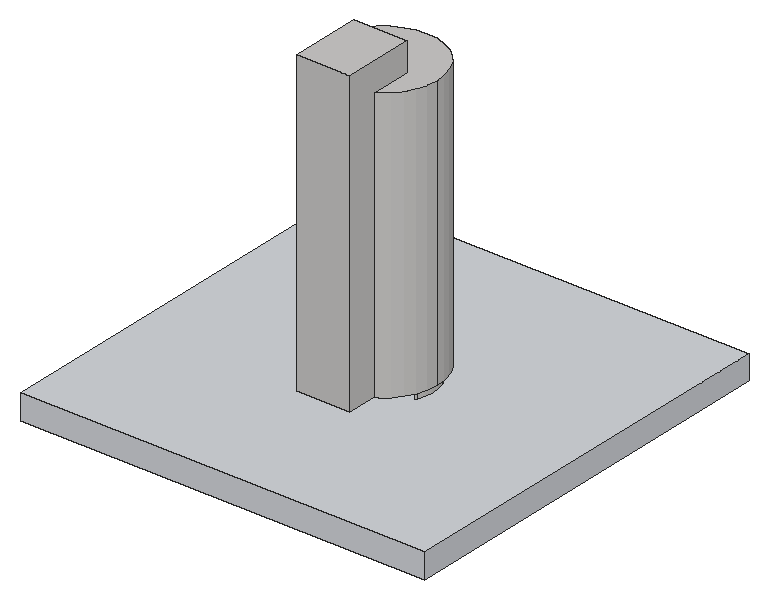
Revit family "DC_Rheem_PLM_HeavyDutyGas_631275", category Mechanical Equipment, host Face, Revit 2018
Family settings
  Host = Face
  Round Connector Dimension = Use Radius
  Part Type = Normal
  Cut with Voids When Loaded = No
  Shared = No
  Room Calculation Point = No
Parameters (values of type "Heavy Duty Gas Storage - Outdoor - 275L - 200 MJ/h - Natural gas")
  URL = "http://www.rheem.com.au/CommercialProducts"
  Type Comments = "1000L first hour delivery @ 50oC rise - Suitable for indoor installation with a room sealed kit\r\n"
  TopDiameterD1_ANZRS = 189.215 mm
  T&PRValveRadius_ANZRS = 16 mm
  Thicknesss_ANZRS = 35.2 mm
  Model = "631275N0\r\n"
  Materials_ANZRS = Rheem - Joey Grey Steel
  Manufacturer = "Rheem\r\n"
  HotWaterOutletPipeRadius_ANZRS = HotWaterOutletPipeDiameter_ANZRS / 2  # 16 mm
  HotWaterOutletPipeDiameter_ANZRS = 32 mm
  GasInletPipeRadius_ANZRS = 10 mm
  DesignBy_ANZRS = "Design Content ©\r\n"
  Description = "Heavy Duty Gas Storage - Outdoor - 275L - 200 MJ/h - Natural gas"
  Default Elevation = 0 mm
  CylinderRadius_ANZRS = CylinderDiameterD2_ANZRS / 2  # 321.5 mm
  CylinderDiameterD2_ANZRS = 643 mm
  ColdWaterInletPipeRadius_ANZRS = ColdWaterInletPipeDiameter_ANZRS / 2  # 16 mm
  ColdWaterInletPipeDiameter_ANZRS = 32 mm
  Author_ANZRS = "DM"
  Assembly Code = ""
Types (3, lengths in mm): name | Model
  (no name) | "631275N0\r\n"
  Heavy Duty Gas Storage - Outdoor - 275L - 200 MJ/h - Natural gas | "631275N0\r\n"
  Heavy Duty Gas Storage - Outdoor - 275L - 190 MJ/h - Propane gas | "631275P0\r\n"
Reference planes
  plane 1 "Center (Front/Back)": y = 0
  plane 2: z = 0
  plane 3 "Center (Left/Right)": x = 0
  plane 4: y = 321.5
  plane 5: y = -321.5
  plane 6: x = -321.5
  plane 7: x = 321.5
  plane 8: z = 1695
  plane 9: z = 1865
  plane 10 "Gas Ref": y = -400.5
  plane 11: y = -458.5
  plane 12: z = 340
  plane 13: x = -356.7
  plane 14: x = 356.7
  plane 15: y = 356.7
  plane 16: y = -356.7
  plane 17 "Base": z = 0
  plane 18: z = 50
  plane 19: z = 685
  plane 20: z = 1445
  plane 21: z = 525
  plane 22: x = -331.5
  plane 23: x = -311.5
  plane 24 "B": through (0, 0, 18000) normal (0.7071, 0.7071, 0)
  plane 25 "A": through (0, 0, 18000) normal (0.809, 0.5878, 0)
  plane 26: x = 160
  plane 27: x = -160
  plane 28: y = 32
Forms (mm)
  Extrusion 1, solid
    sketch origin (0, 0, 0) x (1, 0, 0) y (0, 1, 0)
      loop
        line (-1219.2, 1219.2) -> (-1219.2, -1219.2) -> (1219.2, -1219.2) -> (1219.2, 1219.2) -> (-1219.2, 1219.2)
    from 0 to -150
  Extrusion 2, solid, material "Rheem - Joey Grey Steel" <- "Materials_ANZRS"
    sketch origin (0, 0, 0) x (1, 0, 0) y (0, 1, 0)
      loop
        circle (0, 0) r 321.5
    from 50 to 1695
  Extrusion 3, solid, material "Rheem - Joey Grey Steel" <- "Materials_ANZRS"
    sketch origin (0, 0, 0) x (-1, 0, 0) y (0, -1, 0)
      loop
        arc (-94.842, -277.109) -> (-0.124, -292.89) -> (94.607, -277.19) r 292.89
        arc (94.607, -277.19) -> (101.481, -263.205) -> (86.761, -258.089) r 10.402
        arc (86.761, -258.089) -> (0, -272.282) -> (-86.761, -258.089) r 272.282
        arc (-86.761, -258.089) -> (-101.457, -263.072) -> (-94.842, -277.109) r 10.4
      loop
        arc (-276.878, 94.986) -> (-292.718, 0) -> (-276.878, -94.986) r 292.718
        arc (-276.878, -94.986) -> (-264.492, -100.773) -> (-258.089, -88.694) r 9.92
        arc (-258.089, -88.694) -> (-272.904, 0) -> (-258.089, 88.694) r 272.904
        arc (-258.089, 88.694) -> (-264.492, 100.773) -> (-276.878, 94.986) r 9.92
      loop
        arc (276.878, 94.986) -> (264.492, 100.773) -> (258.089, 88.694) r 9.92
        arc (258.089, 88.694) -> (272.904, 0) -> (258.089, -88.694) r 272.904
        arc (258.089, -88.694) -> (264.492, -100.773) -> (276.878, -94.986) r 9.92
        arc (276.878, -94.986) -> (292.718, 0) -> (276.878, 94.986) r 292.718
      loop
        arc (-94.842, 277.109) -> (-101.457, 263.072) -> (-86.761, 258.089) r 10.4
        arc (-86.761, 258.089) -> (0, 272.282) -> (86.761, 258.089) r 272.282
        arc (86.761, 258.089) -> (101.481, 263.205) -> (94.607, 277.19) r 10.402
        arc (94.607, 277.19) -> (-0.124, 292.89) -> (-94.842, 277.109) r 292.89
    from 0 to 50
  Extrusion 4, solid, material "Rheem - Joey Grey Steel" <- "Materials_ANZRS"
    sketch origin (0, 0, 0) x (1, 0, 0) y (0, 1, 0)
      loop
        line (-160, -30.8) -> (-160, -458.5) -> (160, -458.5) -> (160, -30.8) -> (-160, -30.8)
    from 50 to 1865
  Extrusion 5, solid, material "Rheem - Joey Grey Steel" <- "Materials_ANZRS"
    sketch origin (0, 0, 0) x (0, 1, 0) y (0, 0, 1)
      loop
        circle (0, 1445) r 16
      loop
        circle (0, 685) r 16
    from -331.5 to -311.5
  Extrusion 6, solid, material "Rheem - Joey Grey Steel" <- "Materials_ANZRS"
    sketch origin (-160, -458.5, 0) x (0, 1, 0) y (0, 0, -1)
      loop
        circle (58, -340) r 10
    from 0 to 20
Cuts and joins
  joined: Extrusion 2, Extrusion 3, Extrusion 5
Lines and regions (mm)
  Masking region 1
    outline origin (0, 0, 0) x (1, 0, 0) y (0, 1, 0)
      loop
        line (-160, -278.859) -> (-160, -458.5) -> (160, -458.5) -> (160, -278.859)
        arc (160, -278.859) -> (0, 321.5) -> (-160, -278.859) r 321.5
  Masking region 2
    outline origin (0, 0, 0) x (1, 0, 0) y (0, 0, 1)
      loop
        line (-160, 1865) -> (-160, 1695) -> (-321.5, 1695) -> (-321.5, 1477) -> (-331.5, 1477) -> (-331.5, 1413) -> (-321.5, 1413) -> (-321.5, 717) -> (-331.5, 717) -> (-331.5, 653) -> (-321.5, 653) -> (-321.5, 50) -> (-294.264, 50) -> (-294.264, 0) -> (294.264, 0) -> (294.264, 50) -> (321.5, 50) -> (321.5, 1695) -> (160, 1695) -> (160, 1865) -> (-160, 1865)
  Masking region 3
    outline origin (0, 0, 0) x (0, 1, 0) y (0, 0, 1)
      loop
        line (32, 1865) -> (-458.5, 1865) -> (-458.5, 1695) -> (-458.5, 50) -> (-294.356, 50) -> (-294.356, 0) -> (294.356, 0) -> (294.356, 50) -> (321.5, 50) -> (321.5, 1695) -> (32, 1695) -> (32, 1865)
  model lines, style "Rheem Heavy Duty Gas"
    curve 1: line (-125, -458.5, 685) -> (125, -458.5, 685)
    curve 2: line (-125, -458.5, 275) -> (-125, -458.5, 685)
    curve 3: line (150, -458.5, 275) -> (-150, -458.5, 275)
    curve 4: line (125, -458.5, 685) -> (125, -458.5, 275)
    curve 25: line (150, -458.5, 275) -> (150, -458.5, 50)
    curve 28: line (-150, -458.5, 275) -> (-150, -458.5, 50)
    curve 29: line (-100, -458.5, 1385) -> (100, -458.5, 1385)
    curve 30: line (-100, -458.5, 1185) -> (-100, -458.5, 1385)
    curve 31: line (100, -458.5, 1385) -> (100, -458.5, 1185)
    curve 32: line (-100, -458.5, 1185) -> (100, -458.5, 1185)
  symbolic lines, style "Rheem Heavy Duty Gas", detail levels fine
    curve 5: line (-321.5, 0, 1695) -> (-160, 0, 1695)
    curve 6: line (-321.5, 0, 50) -> (-321.5, 0, 1695)
    curve 7: line (321.5, 0, 50) -> (-321.5, 0, 50)
    curve 8: line (321.5, 0, 1695) -> (321.5, 0, 50)
    curve 9: line (-100.986, 0, 50) -> (100.33, 0, 50)
    curve 10: line (-100.986, 0, 0) -> (-100.986, 0, 50)
    curve 11: line (100.33, 0, 0) -> (-100.986, 0, 0)
    curve 12: line (100.33, 0, 50) -> (100.33, 0, 0)
    curve 13: line (-294.264, 0, 50) -> (-182.662, 0, 50)
    curve 14: line (-294.264, 0, 0) -> (-294.264, 0, 50)
    curve 15: line (-182.662, 0, 0) -> (-294.264, 0, 0)
    curve 16: line (-182.662, 0, 50) -> (-182.662, 0, 0)
    curve 17: line (294.264, 0, 50) -> (182.662, 0, 50)
    curve 18: line (294.264, 0, 0) -> (294.264, 0, 50)
    curve 19: line (182.662, 0, 0) -> (294.264, 0, 0)
    curve 20: line (182.662, 0, 50) -> (182.662, 0, 0)
    curve 22: line (-321.5, 0, 717) -> (-331.5, 0, 717)
    curve 23: line (-331.5, 0, 717) -> (-331.5, 0, 653)
    curve 24: line (-331.5, 0, 653) -> (-321.5, 0, 653)
    curve 26: line (-160, -458.5, 1865) -> (-160, -458.5, 50)
    curve 27: line (160, -458.5, 50) -> (160, -458.5, 1865)
    curve 33: line (-100, -458.5, 1385) -> (100, -458.5, 1385)
    curve 34: line (-100, -458.5, 1185) -> (-100, -458.5, 1385)
    curve 35: line (100, -458.5, 1185) -> (-100, -458.5, 1185)
    curve 36: line (100, -458.5, 1385) -> (100, -458.5, 1185)
    curve 37: line (-125, -458.5, 685) -> (125, -458.5, 685)
    curve 38: line (-125, -458.5, 275) -> (-125, -458.5, 685)
    curve 39: line (125, -458.5, 275) -> (-125, -458.5, 275)
    curve 40: line (125, -458.5, 685) -> (125, -458.5, 275)
    curve 41: line (-150, -458.5, 275) -> (150, -458.5, 275)
    curve 42: line (-150, -458.5, 50) -> (-150, -458.5, 275)
    curve 43: line (150, -458.5, 50) -> (-150, -458.5, 50)
    curve 44: line (150, -458.5, 275) -> (150, -458.5, 50)
    curve 45: line (0, 321.5, 1695) -> (0, -321.5, 1695)
    curve 46: line (0, 321.5, 50) -> (0, 321.5, 1695)
    curve 47: line (0, -321.5, 50) -> (0, 321.5, 50)
    curve 48: line (0, -321.5, 1695) -> (0, -321.5, 50)
    curve 51: line (0, -458.5, 50) -> (0, -321.5, 50)
    curve 53: line (0, 293.891, 50) -> (0, 258.089, 50)
    curve 54: line (0, 293.891, 0) -> (0, 293.891, 50)
    curve 55: line (0, 258.089, 0) -> (0, 293.891, 0)
    curve 56: line (0, 258.089, 50) -> (0, 258.089, 0)
    curve 57: line (0, -258.089, 50) -> (0, -293.891, 50)
    curve 58: line (0, -258.089, 0) -> (0, -258.089, 50)
    curve 59: line (0, -293.891, 0) -> (0, -258.089, 0)
    curve 60: line (0, -293.891, 50) -> (0, -293.891, 0)
    curve 61: line (0, 101.287, 50) -> (0, -101.287, 50)
    curve 62: line (0, 101.287, 0) -> (0, 101.287, 50)
    curve 63: line (0, -101.287, 0) -> (0, 101.287, 0)
    curve 64: line (0, -101.287, 50) -> (0, -101.287, 0)
    curve 69: line (160, 0, 1695) -> (321.5, 0, 1695)
    curve 70: line (-160, -30.8, 0) -> (160, -30.8, 0)
    curve 71: line (-160, -458.5, 0) -> (-160, -30.8, 0)
    curve 72: line (160, -458.5, 0) -> (-160, -458.5, 0)
    curve 73: line (160, -30.8, 0) -> (160, -458.5, 0)
    curve 74: arc (-252.134, 0, 1471.385) -> (-240.059, 0, 1445.169) -> (-252.134, 0, 1418.953) r 34.497
    curve 75: arc (-260.499, 0, 1471.385) -> (-267.001, 0, 1463.969) -> (-271.138, 0, 1455.017) r 34.497
    curve 76: line (-261.188, 0, 1455.017) -> (-293.109, 0, 1455.017)
    curve 77: line (-261.188, 0, 1435.017) -> (-293.109, 0, 1435.017)
    curve 78: arc (-293.109, 0, 1455.017) -> (-299.061, 0, 1445.017) -> (-293.109, 0, 1435.017) r 11.376
    curve 79: arc (-261.188, 0, 1455.017) -> (-255.024, 0, 1445.017) -> (-261.188, 0, 1435.017) r 11.194
    curve 80: line (-290.609, 0, 1435.017) -> (-290.609, 0, 1415.926)
    curve 81: line (-290.609, 0, 1415.926) -> (-273.228, 0, 1415.926)
    curve 82: line (-273.228, 0, 1415.926) -> (-273.228, 0, 1435.017)
    curve 83: line (-252.134, 0, 1471.385) -> (-260.499, 0, 1471.385)
    curve 84: line (-252.134, 0, 1418.953) -> (-260.499, 0, 1418.953)
    curve 85: spline (-270.212, 0, 1435.017) -> (-266.875, 0, 1429.581) -> (-262.475, 0, 1426.913) -> (-257.8, 0, 1427.494) -> (-253.69, 0, 1431.219) -> (-250.884, 0, 1437.419) -> (-249.886, 0, 1444.98) -> (-250.874, 0, 1452.545) -> (-253.672, 0, 1458.754) -> (-257.776, 0, 1462.494) -> (-262.45, 0, 1463.092) -> (-266.855, 0, 1460.441) -> (-270.199, 0, 1455.017)
    curve 86: arc (-271.046, 0, 1435.017) -> (-266.914, 0, 1426.236) -> (-260.499, 0, 1418.953) r 34.497
    curve 87: arc (0, -179.361, 1471.616) -> (0, -163.845, 1445.303) -> (0, -179.235, 1418.916) r 30.192
    curve 88: arc (0, -192.389, 1471.616) -> (0, -200.86, 1464.587) -> (0, -206.268, 1455) r 30.371
    curve 89: spline (0, -195.778, 1428.86) -> (0, -190.803, 1426.505) -> (0, -185.549, 1426.92) -> (0, -180.804, 1430.044) -> (0, -177.278, 1435.408) -> (0, -175.499, 1442.209) -> (0, -175.734, 1449.428) -> (0, -177.948, 1455.984) -> (0, -181.808, 1460.894) -> (0, -186.738, 1463.424) -> (0, -191.997, 1463.194) -> (0, -196.799, 1460.238) -> (0, -200.425, 1455)
    curve 90: spline (0, -212.539, 1435) -> (0, -214.544, 1435.341) -> (0, -216.411, 1436.34) -> (0, -218.015, 1437.929) -> (0, -219.246, 1440) -> (0, -220.02, 1442.412) -> (0, -220.284, 1445) -> (0, -220.02, 1447.588) -> (0, -219.246, 1450) -> (0, -218.015, 1452.071) -> (0, -216.411, 1453.66) -> (0, -214.544, 1454.659) -> (0, -212.539, 1455) -> (0, -210.535, 1454.659) -> (0, -208.667, 1453.66) -> (0, -207.063, 1452.071) -> (0, -205.832, 1450) -> (0, -205.059, 1447.588) -> (0, -204.795, 1445) -> (0, -205.059, 1442.412) -> (0, -205.832, 1440) -> (0, -207.063, 1437.929) -> (0, -208.667, 1436.34) -> (0, -210.535, 1435.341) -> (0, -212.539, 1435)
    curve 91: line (0, -212.539, 1455) -> (0, -188.603, 1455)
    curve 92: line (0, -212.539, 1435) -> (0, -188.603, 1435)
    curve 93: line (0, -179.361, 1471.616) -> (0, -192.389, 1471.616)
    curve 94: line (0, -192.908, 1418.916) -> (0, -179.235, 1418.916)
    curve 95: arc (0, -195.778, 1420.824) -> (0, -194.37, 1419.829) -> (0, -192.908, 1418.916) r 30.371
    curve 96: arc (0, -188.603, 1455) -> (0, -182.923, 1445) -> (0, -188.603, 1435) r 11.643
    curve 97: line (0, -211.515, 1435) -> (0, -211.515, 1415.926)
    curve 98: line (0, -211.515, 1415.926) -> (0, -195.778, 1415.926)
    curve 99: line (0, -195.778, 1415.926) -> (0, -195.778, 1435)
    curve 100: arc (-289.704, 0, 1455.017) -> (-283.751, 0, 1445.017) -> (-289.704, 0, 1435.017) r 11.376
  symbolic lines, style "Rheem Emergency", detail levels fine
    curve 21: arc (181.264, -262.793, 0) -> (0, 319.244, 0) -> (-181.264, -262.793, 0) r 319.244
    curve 49: line (0, -30.8, 1865) -> (0, -458.5, 1865)
    curve 50: line (0, -458.5, 1865) -> (0, -458.5, 50)
    curve 52: line (0, -30.8, 1865) -> (0, -30.8, 1695)
    curve 65: arc (0, 16, 1445) -> (0, 0, 1461) -> (0, -16, 1445) r 16
    curve 66: arc (0, -16, 1445) -> (0, 0, 1429) -> (0, 16, 1445) r 16
    curve 67: arc (0, -16, 685) -> (0, 0, 669) -> (0, 16, 685) r 16
    curve 68: arc (0, 16, 685) -> (0, 0, 701) -> (0, -16, 685) r 16
Dimensions and locks
  equal spacing: plane 4, plane 1 "Center (Front/Back)", plane 5
  "CylinderDiameterD2_ANZRS": plane 4 to plane 5
  equal spacing: plane 6, plane 3 "Center (Left/Right)", plane 7
  "CylinderDiameterD2_ANZRS": plane 6 to plane 7
  plane 8 to plane 17 "Base" = 1695 mm
  plane 9 to plane 17 "Base" = 1865 mm
  plane 4 to plane 10 "Gas Ref" = 722 mm
  plane 4 to plane 11 = 780 mm
  "Thicknesss_ANZRS": plane 13 to plane 6
  "Thicknesss_ANZRS": plane 7 to plane 14
  "Thicknesss_ANZRS": plane 15 to plane 4
  "Thicknesss_ANZRS": plane 16 to plane 5
  locked: plane 18 to plane 17 "Base" at 50
  plane 12 to plane 17 "Base" = 340 mm
  plane 20 to plane 19 = 760 mm
  plane 22 to plane 6 to plane 23 = 10 mm locked, 10 mm locked
  equal spacing: plane 27, plane 3 "Center (Left/Right)", plane 26
  plane 27 to plane 26 = 320 mm
  equal spacing: Extrusion 4 sketch curve, plane 3 "Center (Left/Right)", Extrusion 4 sketch curve
  Extrusion 4 sketch curve to Extrusion 4 sketch curve = 320 mm
  plane 19 to plane 17 "Base" = 685 mm
  "CylinderRadius_ANZRS": radius of Extrusion 2 sketch curve
  "HotWaterOutletPipeRadius_ANZRS": radius of Extrusion 5 sketch curve
  "ColdWaterInletPipeRadius_ANZRS": radius of Extrusion 5 sketch curve
  aligned and locked: plane 2 to Extrusion 1
  aligned and locked: level to Extrusion 1
  aligned and locked: plane 3 "Center (Left/Right)" to Extrusion 2 sketch curve
  aligned and locked: plane 1 "Center (Front/Back)" to Extrusion 2 sketch curve
  aligned and locked: plane 8 to Extrusion 2
  aligned and locked: Extrusion 2 to plane 18
  aligned: Extrusion 3 to Extrusion 2
  aligned and locked: Extrusion 2 to Extrusion 4
  aligned and locked: plane 1 "Center (Front/Back)" to Extrusion 5 sketch curve  (x2)
  aligned and locked: plane 20 to Extrusion 5 sketch curve
  aligned and locked: plane 19 to Extrusion 5 sketch curve
  aligned and locked: Extrusion 5 to plane 22
  aligned and locked: Extrusion 5 to plane 23
  aligned: cut or joined group of Extrusion 2, Extrusion 3, Extrusion 5 to plane 26
  aligned: cut or joined group of Extrusion 2, Extrusion 3, Extrusion 5 to plane 27
  aligned: Extrusion 2 to Extrusion 4
  aligned and locked: plane 9 to Extrusion 4
  aligned and locked: Extrusion 4 to plane 27
  aligned and locked: Extrusion 4 to plane 26
  aligned and locked: Extrusion 4 to plane 11
  aligned and locked: curve 37 to plane 19
  aligned and locked: curve 45 to cut or joined group of Extrusion 2, Extrusion 3, Extrusion 5
  aligned and locked: plane 4 to curve 46
  aligned and locked: curve 47 to cut or joined group of Extrusion 2, Extrusion 3, Extrusion 5
  aligned and locked: plane 5 to curve 48
  aligned and locked: curve 68 to cut or joined group of Extrusion 2, Extrusion 3, Extrusion 5
  aligned and locked: curve 65 to cut or joined group of Extrusion 2, Extrusion 3, Extrusion 5
Automatic sketch dimensions
  curve 72 to plane 11 = 0 mm
  curve 72 to plane 27 = 0 mm
  plane 1 "Center (Front/Back)" to curve 21 = 0 mm
  curve 21 to plane 3 "Center (Left/Right)" = 0 mm
  curve 72 to plane 26 = 0 mm
  curve 21 to plane 27 = 21.264 mm
  curve 21 to plane 26 = 21.264 mm
  curve 21 to plane 5 = 58.707 mm
  plane 1 "Center (Front/Back)" to curve 71 = 30.8 mm
  curve 88 to curve 95 = 0 mm  (x2)
  curve 51 to plane 11 = 0 mm
  curve 59 to plane 17 "Base" = 0 mm
  curve 57 to plane 18 = 0 mm
  curve 90 to plane 20 = 0 mm
  curve 96 to plane 20 = 0 mm
  curve 89 to plane 20 = 0 mm
  curve 64 to plane 18 = 0 mm
  curve 64 to plane 17 "Base" = 0 mm
  curve 52 to plane 9 = 0 mm
  curve 55 to plane 17 "Base" = 0 mm
  curve 53 to plane 18 = 0 mm
  curve 59 to plane 5 = 27.609 mm
  curve 59 to curve 59 = 35.802 mm
  curve 90 to plane 5 = 108.961 mm
  curve 92 to curve 90 = 0 mm
  curve 91 to curve 90 = 0 mm
  curve 92 to curve 97 = 1.024 mm
  curve 91 to curve 88 = 6.271 mm
  curve 97 to curve 95 = 15.737 mm
  curve 99 to curve 96 = 1.212 mm
  curve 96 to curve 87 = 0.529 mm
  curve 98 to curve 94 = 2.869 mm
  curve 89 to curve 88 = 8.035 mm
  curve 95 to curve 89 = 3.966 mm
  curve 99 to curve 92 = 7.174 mm
  curve 93 to curve 93 = 13.028 mm
  curve 89 to curve 87 = 9.708 mm
  plane 20 to curve 88 = 0.117 mm
  curve 89 to curve 88 = 11.392 mm
  plane 1 "Center (Front/Back)" to curve 64 = 101.287 mm
  plane 1 "Center (Front/Back)" to curve 52 = 30.8 mm
  plane 28 to curve 62 = 69.287 mm
  curve 55 to plane 4 = 63.411 mm
  curve 54 to plane 4 = 27.609 mm
  curve 99 to plane 20 = 29.074 mm
  curve 98 to curve 87 = 2.99 mm
  curve 95 to curve 89 = 7.413 mm
  curve 75 to curve 86 = 0 mm  (x2)
  curve 22 to plane 22 = 0 mm
  curve 7 to plane 6 = 0 mm
  curve 14 to plane 17 "Base" = 0 mm
  curve 13 to plane 18 = 0 mm
  curve 85 to plane 20 = 0 mm
  curve 5 to plane 8 = 0 mm
  curve 5 to plane 27 = 0 mm
  curve 9 to plane 18 = 0 mm
  curve 10 to plane 17 "Base" = 0 mm
  curve 69 to plane 8 = 0 mm
  plane 26 to curve 69 = 0 mm
  curve 17 to plane 18 = 0 mm
  curve 20 to plane 17 "Base" = 0 mm
  plane 7 to curve 7 = 0 mm
  curve 8 to plane 18 = 0 mm
  plane 20 to curve 100 = 0.017 mm
  curve 100 to plane 23 = 16.373 mm
  curve 14 to plane 23 = 17.236 mm
  curve 100 to curve 78 = 2.019 mm  (x2)
  curve 76 to curve 100 = 3.405 mm
  curve 78 to curve 100 = 3.405 mm
  curve 100 to curve 78 = 7.442 mm
  plane 20 to curve 74 = 0.169 mm
  curve 78 to curve 74 = 13.129 mm
  curve 80 to curve 81 = 17.38 mm
  curve 74 to curve 75 = 3.418 mm
  curve 82 to curve 86 = 2.183 mm
  curve 86 to curve 85 = 0.834 mm
  curve 75 to curve 85 = 0.94 mm
  plane 20 to curve 79 = 0.017 mm
  curve 74 to curve 79 = 8.339 mm
  curve 85 to curve 79 = 9.011 mm
  curve 79 to curve 85 = 5.269 mm
  curve 85 to curve 84 = 0.45 mm
  curve 79 to curve 75 = 0.689 mm
  curve 75 to curve 74 = 8.365 mm
  curve 84 to curve 84 = 8.365 mm
  plane 20 to curve 86 = 0.169 mm
  curve 85 to curve 86 = 22.872 mm
  curve 16 to plane 27 = 22.662 mm
  plane 27 to curve 9 = 59.014 mm
  plane 26 to curve 11 = 59.67 mm
  curve 17 to plane 26 = 22.662 mm
  plane 7 to curve 18 = 27.236 mm
  curve 24 to plane 19 = 32 mm
  plane 19 to curve 22 = 32 mm
  curve 81 to curve 78 = 19.091 mm
  Extrusion 1 sketch curve to Extrusion 1 sketch curve = 2438.4 mm  (x2)
  Extrusion 4 sketch curve to plane 11 = 0 mm
  plane 1 "Center (Front/Back)" to Extrusion 4 sketch curve = 30.8 mm
  curve 27 to Extrusion 4 = 0 mm  (x3)
  curve 43 to Extrusion 4 = 0 mm
  curve 26 to Extrusion 4 = 0 mm  (x3)
  curve 43 to Extrusion 4 = 10 mm
  curve 3 to curve 40 = 25 mm
  curve 36 to Extrusion 4 = 60 mm
  Extrusion 4 to curve 32 = 60 mm
  Extrusion 4 to curve 37 = 35 mm
  Extrusion 4 to curve 42 = 10 mm
  Extrusion 4 to curve 29 = 480 mm
  curve 29 to curve 32 = 200 mm
  Extrusion 4 to curve 39 = 225 mm
  curve 28 to curve 38 = 0 mm
  Masking region 1 sketch curve to plane 27 = 0 mm
  plane 1 "Center (Front/Back)" to Masking region 1 sketch curve = 0 mm
  Masking region 1 sketch curve to plane 3 "Center (Left/Right)" = 0 mm
  Masking region 1 sketch curve to plane 26 = 0 mm
  Masking region 1 sketch curve to plane 11 = 0 mm
  Masking region 1 sketch curve to plane 5 = 42.641 mm
  Masking region 2 sketch curve to plane 22 = 0 mm  (x2)
  Masking region 2 sketch curve to plane 6 = 0 mm  (x3)
  Masking region 2 sketch curve to plane 18 = 0 mm  (x2)
  Masking region 2 sketch curve to plane 17 "Base" = 0 mm
  Masking region 2 sketch curve to plane 8 = 0 mm  (x2)
  Masking region 2 sketch curve to plane 27 = 0 mm
  Masking region 2 sketch curve to plane 9 = 0 mm
  plane 26 to Masking region 2 sketch curve = 0 mm
  plane 7 to Masking region 2 sketch curve = 0 mm
  Masking region 2 sketch curve to plane 23 = 17.236 mm
  plane 7 to Masking region 2 sketch curve = 27.236 mm
  Masking region 2 sketch curve to plane 19 = 32 mm
  plane 19 to Masking region 2 sketch curve = 32 mm
  Masking region 2 sketch curve to plane 20 = 32 mm
  plane 20 to Masking region 2 sketch curve = 32 mm
  Masking region 3 sketch curve to plane 11 = 0 mm
  Masking region 3 sketch curve to plane 18 = 0 mm  (x2)
  Masking region 3 sketch curve to plane 17 "Base" = 0 mm
  Masking region 3 sketch curve to plane 9 = 0 mm
  Masking region 3 sketch curve to plane 28 = 0 mm
  Masking region 3 sketch curve to plane 4 = 0 mm
  Masking region 3 sketch curve to plane 8 = 0 mm  (x2)
  Masking region 3 sketch curve to plane 5 = 27.144 mm
  Masking region 3 sketch curve to Masking region 3 sketch curve = 27.144 mm
  curve 78 to curve 81 = 2.5 mm
  curve 88 to curve 89 = 5.844 mm
  Extrusion 6 sketch curve to Extrusion 4 = 58 mm
  Extrusion 4 to Extrusion 6 sketch curve = 290 mm
  Extrusion 3 sketch curve to Extrusion 3 sketch curve = 0 mm  (x56)
  plane 1 "Center (Front/Back)" to Extrusion 3 sketch curve = 0 mm
  Extrusion 3 sketch curve to plane 3 "Center (Left/Right)" = 0 mm
  plane 26 to Extrusion 3 sketch curve = 73.239 mm  (x2)
  Extrusion 3 sketch curve to Extrusion 3 sketch curve = 5.124 mm  (x2)
  Extrusion 3 sketch curve to Extrusion 3 sketch curve = 2.956 mm  (x2)
  plane 7 to Extrusion 3 sketch curve = 63.411 mm  (x2)
  Extrusion 3 sketch curve to Extrusion 3 sketch curve = 9.553 mm  (x4)
  Extrusion 3 sketch curve to Extrusion 3 sketch curve = 9.236 mm  (x4)
  plane 27 to Extrusion 3 sketch curve = 73.239 mm  (x2)
  Extrusion 3 sketch curve to Extrusion 3 sketch curve = 5.097 mm  (x2)
  Extrusion 3 sketch curve to Extrusion 3 sketch curve = 2.749 mm  (x2)
  Extrusion 3 sketch curve to plane 23 = 53.411 mm  (x2)
  plane 28 to Extrusion 3 sketch curve = 56.694 mm  (x2)
  Extrusion 3 sketch curve to Extrusion 3 sketch curve = 2.672 mm  (x2)
  Extrusion 3 sketch curve to plane 4 = 63.411 mm
  Extrusion 3 sketch curve to Extrusion 3 sketch curve = 9.05 mm  (x2)
  Extrusion 3 sketch curve to plane 5 = 63.411 mm
  curve 89 to curve 89 = 2.531 mm
  radius of Extrusion 6 sketch curve = 10 mm
Nested families
  nested 1: "Rheem Valve" at (-277.046, -201.286, 1445) x (0.5878, -0.809, 0) z (0, 0, 1), type "Rheem Valve"
Connectors
  piping at (-331.5, 0, 1445), diameter 32, driven by "HotWaterOutletPipeRadius_ANZRS"
    settings: on cut or joined group of Extrusion 2, Extrusion 3, Extrusion 5, index 1, connector inside diameter 1.25984", connector length 0 mm, flow factor 0, pipe flow 0 GPM, pressure drop 0.00 psi, fitting loss kfactor 0, connector angle 0.00°, fixture units 0, engagement length 0 mm, angle of deflection 0.00°, flow configuration 1, flow direction 2, fitting loss method 0, system type 19, joint type 0, gender type 0, connector reference index -1, connector utility 0, adjustable connector no, is connector primary yes, connector description ""
  piping at (-331.5, 0, 685), diameter 32, driven by "ColdWaterInletPipeRadius_ANZRS"
    settings: on cut or joined group of Extrusion 2, Extrusion 3, Extrusion 5, index 2, connector inside diameter 1.25984", connector length 0 mm, flow factor 0, pipe flow 0 GPM, pressure drop 0.00 psi, fitting loss kfactor 0, connector angle 0.00°, fixture units 0, engagement length 0 mm, angle of deflection 0.00°, flow configuration 1, flow direction 1, fitting loss method 0, system type 20, joint type 0, gender type 0, connector reference index -1, connector utility 0, adjustable connector no, is connector primary no, connector description ""
  piping at (-283.228, -205.778, 1415.926), diameter 20
    settings: on nested 1, index 5, connector inside diameter 0.7874", connector length 0 mm, flow factor 0, pipe flow 0 GPM, pressure drop 0.00 psi, fitting loss kfactor 0, connector angle 0.00°, fixture units 0, engagement length 0 mm, angle of deflection 0.00°, flow configuration 1, flow direction 2, fitting loss method 0, system type 16, joint type 0, gender type 0, connector reference index -1, connector utility 0, adjustable connector no, is connector primary no, connector description ""
  piping at (-180, -400.5, 340), diameter 20
    settings: on Extrusion 6, index 6, connector inside diameter 0.7874", connector length 0 mm, flow factor 0, pipe flow 0 GPM, pressure drop 0.00 psi, fitting loss kfactor 0, connector angle 0.00°, fixture units 0, engagement length 0 mm, angle of deflection 0.00°, flow configuration 1, flow direction 1, fitting loss method 0, system type 22, joint type 0, gender type 0, connector reference index -1, connector utility 0, adjustable connector no, is connector primary no, connector description "Gas"
Definition of nested family "Rheem Valve"
  Parameters
    Material_ANZRS = none
    Assembly Code = ""
  Reference planes
    plane 1 "Center (Front/Back)": y = 0
    plane 2: z = 0
    plane 3 "Center (Left/Right)": x = 0
  Forms (mm)
    Extrusion 1, solid, material <- "Material_ANZRS"
      sketch origin (0, 0, 0) x (1, 0, 0) y (0, 1, 0)
        loop
          circle (0, -7.641) r 10
      from 0 to -29.074
    Revolve 2, solid, material <- "Material_ANZRS"
      sketch origin (0, 0, 0) x (1, 0, 0) y (0, 1, 0)
        loop
          line (-27.668, 40) -> (-27.668, 25.616) -> (-18.681, 20) -> (-9.939, 20) -> (-9.939, -20) -> (0, -20) -> (0, 40) -> (-27.668, 40)
        axis (0, 40) -> (0, -20)
      angle from 0 to 360
  Dimensions and locks
    aligned and locked: level to plane 2
